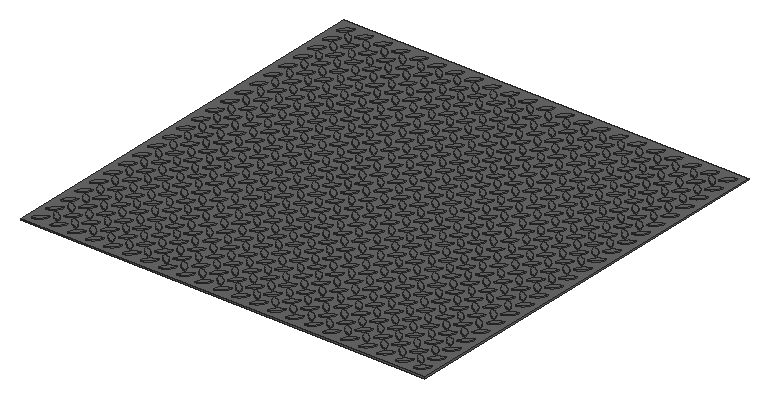
Revit family "141012021113804", category Modelos genéricos, Revit 2018 (continued)
Forms (mm)
  Blend 672, solid, material "Goma negro" <- "Material", detail levels fine
    base sketch origin (43.555, 980.994, 0) x (0.707107, -0.707107, 0) y (0.707107, 0.707107, 0)
      loop
        arc (794.539, -290.22) -> (793.684, -289.773) -> (792.83, -290.22) r 1.041
    top sketch origin (43.555, 980.994, 0) x (0.707107, -0.707107, 0) y (0.707107, 0.707107, 0)
      loop
        arc (792.83, -290.22) -> (787.479, -307.273) -> (792.83, -324.327) r 29.852
        arc (792.83, -324.327) -> (793.684, -324.773) -> (794.539, -324.327) r 1.041
        arc (794.539, -324.327) -> (799.889, -307.273) -> (794.539, -290.22) r 29.852
        arc (794.539, -290.22) -> (793.684, -289.773) -> (792.83, -290.22) r 1.041
    from 0 to 1
  Blend 673, solid, material "Goma negro" <- "Material", detail levels fine
    base sketch origin (1188.494, 568.945, 0) x (-0.707107, -0.707107, 0) y (0.707107, -0.707107, 0)
      loop
        arc (792.83, -290.22) -> (787.479, -307.273) -> (792.83, -324.327) r 29.852
        arc (792.83, -324.327) -> (793.684, -324.773) -> (794.539, -324.327) r 1.041
        arc (794.539, -324.327) -> (799.889, -307.273) -> (794.539, -290.22) r 29.852
        arc (794.539, -290.22) -> (793.684, -289.773) -> (792.83, -290.22) r 1.041
    top sketch origin (1188.494, 568.945, 0) x (-0.707107, -0.707107, 0) y (0.707107, -0.707107, 0)
      loop
        arc (792.83, -290.22) -> (787.479, -307.273) -> (792.83, -324.327) r 29.852
        arc (792.83, -324.327) -> (793.684, -324.773) -> (794.539, -324.327) r 1.041
        arc (794.539, -324.327) -> (799.889, -307.273) -> (794.539, -290.22) r 29.852
        arc (794.539, -290.22) -> (793.684, -289.773) -> (792.83, -290.22) r 1.041
    from 0 to 1
  Blend 674, solid, material "Goma negro" <- "Material", detail levels fine
    base sketch origin (-1.445, 980.994, 0) x (0.707107, -0.707107, 0) y (0.707107, 0.707107, 0)
      loop
        arc (792.83, -290.22) -> (787.479, -307.273) -> (792.83, -324.327) r 29.852
        arc (792.83, -324.327) -> (793.684, -324.773) -> (794.539, -324.327) r 1.041
        arc (794.539, -324.327) -> (799.889, -307.273) -> (794.539, -290.22) r 29.852
        arc (794.539, -290.22) -> (793.684, -289.773) -> (792.83, -290.22) r 1.041
    top sketch origin (-1.445, 980.994, 0) x (0.707107, -0.707107, 0) y (0.707107, 0.707107, 0)
      loop
        arc (792.83, -290.22) -> (787.479, -307.273) -> (792.83, -324.327) r 29.852
        arc (792.83, -324.327) -> (793.684, -324.773) -> (794.539, -324.327) r 1.041
        arc (794.539, -324.327) -> (799.889, -307.273) -> (794.539, -290.22) r 29.852
        arc (794.539, -290.22) -> (793.684, -289.773) -> (792.83, -290.22) r 1.041
    from 0 to 1
  Blend 675, solid, material "Goma negro" <- "Material", detail levels fine
    base sketch origin (1143.494, 568.945, 0) x (-0.707107, -0.707107, 0) y (0.707107, -0.707107, 0)
      loop
        arc (792.83, -290.22) -> (787.479, -307.273) -> (792.83, -324.327) r 29.852
        arc (792.83, -324.327) -> (793.684, -324.773) -> (794.539, -324.327) r 1.041
        arc (794.539, -324.327) -> (799.889, -307.273) -> (794.539, -290.22) r 29.852
        arc (794.539, -290.22) -> (793.684, -289.773) -> (792.83, -290.22) r 1.041
    top sketch origin (1143.494, 568.945, 0) x (-0.707107, -0.707107, 0) y (0.707107, -0.707107, 0)
      loop
        arc (792.83, -290.22) -> (787.479, -307.273) -> (792.83, -324.327) r 29.852
        arc (792.83, -324.327) -> (793.684, -324.773) -> (794.539, -324.327) r 1.041
        arc (794.539, -324.327) -> (799.889, -307.273) -> (794.539, -290.22) r 29.852
        arc (794.539, -290.22) -> (793.684, -289.773) -> (792.83, -290.22) r 1.041
    from 0 to 1
  Blend 676, solid, material "Goma negro" <- "Material", detail levels fine
    base sketch origin (-46.445, 980.994, 0) x (0.707107, -0.707107, 0) y (0.707107, 0.707107, 0)
      loop
        arc (792.83, -290.22) -> (787.479, -307.273) -> (792.83, -324.327) r 29.852
        arc (792.83, -324.327) -> (793.684, -324.773) -> (794.539, -324.327) r 1.041
        arc (794.539, -324.327) -> (799.889, -307.273) -> (794.539, -290.22) r 29.852
        arc (794.539, -290.22) -> (793.684, -289.773) -> (792.83, -290.22) r 1.041
    top sketch origin (-46.445, 980.994, 0) x (0.707107, -0.707107, 0) y (0.707107, 0.707107, 0)
      loop
        arc (792.83, -290.22) -> (787.479, -307.273) -> (792.83, -324.327) r 29.852
        arc (792.83, -324.327) -> (793.684, -324.773) -> (794.539, -324.327) r 1.041
        arc (794.539, -324.327) -> (799.889, -307.273) -> (794.539, -290.22) r 29.852
        arc (794.539, -290.22) -> (793.684, -289.773) -> (792.83, -290.22) r 1.041
    from 0 to 1
  Blend 677, solid, material "Goma negro" <- "Material", detail levels fine
    base sketch origin (1098.494, 568.945, 0) x (-0.707107, -0.707107, 0) y (0.707107, -0.707107, 0)
      loop
        arc (792.83, -290.22) -> (787.479, -307.273) -> (792.83, -324.327) r 29.852
        arc (792.83, -324.327) -> (793.684, -324.773) -> (794.539, -324.327) r 1.041
        arc (794.539, -324.327) -> (799.889, -307.273) -> (794.539, -290.22) r 29.852
        arc (794.539, -290.22) -> (793.684, -289.773) -> (792.83, -290.22) r 1.041
    top sketch origin (1098.494, 568.945, 0) x (-0.707107, -0.707107, 0) y (0.707107, -0.707107, 0)
      loop
        arc (792.83, -290.22) -> (787.479, -307.273) -> (792.83, -324.327) r 29.852
        arc (792.83, -324.327) -> (793.684, -324.773) -> (794.539, -324.327) r 1.041
        arc (794.539, -324.327) -> (799.889, -307.273) -> (794.539, -290.22) r 29.852
        arc (794.539, -290.22) -> (793.684, -289.773) -> (792.83, -290.22) r 1.041
    from 0 to 1
  Blend 678, solid, material "Goma negro" <- "Material", detail levels fine
    base sketch origin (-91.445, 980.994, 0) x (0.707107, -0.707107, 0) y (0.707107, 0.707107, 0)
      loop
        arc (792.83, -290.22) -> (787.479, -307.273) -> (792.83, -324.327) r 29.852
        arc (792.83, -324.327) -> (793.684, -324.773) -> (794.539, -324.327) r 1.041
        arc (794.539, -324.327) -> (799.889, -307.273) -> (794.539, -290.22) r 29.852
        arc (794.539, -290.22) -> (793.684, -289.773) -> (792.83, -290.22) r 1.041
    top sketch origin (-91.445, 980.994, 0) x (0.707107, -0.707107, 0) y (0.707107, 0.707107, 0)
      loop
        arc (792.83, -290.22) -> (787.479, -307.273) -> (792.83, -324.327) r 29.852
        arc (792.83, -324.327) -> (793.684, -324.773) -> (794.539, -324.327) r 1.041
        arc (794.539, -324.327) -> (799.889, -307.273) -> (794.539, -290.22) r 29.852
        arc (794.539, -290.22) -> (793.684, -289.773) -> (792.83, -290.22) r 1.041
    from 0 to 1
  Blend 679, solid, material "Goma negro" <- "Material", detail levels fine
    base sketch origin (1053.494, 568.945, 0) x (-0.707107, -0.707107, 0) y (0.707107, -0.707107, 0)
      loop
        arc (792.83, -290.22) -> (787.479, -307.273) -> (792.83, -324.327) r 29.852
        arc (792.83, -324.327) -> (793.684, -324.773) -> (794.539, -324.327) r 1.041
        arc (794.539, -324.327) -> (799.889, -307.273) -> (794.539, -290.22) r 29.852
        arc (794.539, -290.22) -> (793.684, -289.773) -> (792.83, -290.22) r 1.041
    top sketch origin (1053.494, 568.945, 0) x (-0.707107, -0.707107, 0) y (0.707107, -0.707107, 0)
      loop
        arc (792.83, -290.22) -> (787.479, -307.273) -> (792.83, -324.327) r 29.852
        arc (792.83, -324.327) -> (793.684, -324.773) -> (794.539, -324.327) r 1.041
        arc (794.539, -324.327) -> (799.889, -307.273) -> (794.539, -290.22) r 29.852
        arc (794.539, -290.22) -> (793.684, -289.773) -> (792.83, -290.22) r 1.041
    from 0 to 1
  Blend 680, solid, material "Goma negro" <- "Material", detail levels fine
    base sketch origin (-136.445, 980.994, 0) x (0.707107, -0.707107, 0) y (0.707107, 0.707107, 0)
      loop
        arc (792.83, -290.22) -> (787.479, -307.273) -> (792.83, -324.327) r 29.852
        arc (792.83, -324.327) -> (793.684, -324.773) -> (794.539, -324.327) r 1.041
        arc (794.539, -324.327) -> (799.889, -307.273) -> (794.539, -290.22) r 29.852
        arc (794.539, -290.22) -> (793.684, -289.773) -> (792.83, -290.22) r 1.041
    top sketch origin (-136.445, 980.994, 0) x (0.707107, -0.707107, 0) y (0.707107, 0.707107, 0)
      loop
        arc (792.83, -290.22) -> (787.479, -307.273) -> (792.83, -324.327) r 29.852
        arc (792.83, -324.327) -> (793.684, -324.773) -> (794.539, -324.327) r 1.041
        arc (794.539, -324.327) -> (799.889, -307.273) -> (794.539, -290.22) r 29.852
        arc (794.539, -290.22) -> (793.684, -289.773) -> (792.83, -290.22) r 1.041
    from 0 to 1
  Blend 681, solid, material "Goma negro" <- "Material", detail levels fine
    base sketch origin (1008.494, 568.945, 0) x (-0.707107, -0.707107, 0) y (0.707107, -0.707107, 0)
      loop
        arc (792.83, -290.22) -> (787.479, -307.273) -> (792.83, -324.327) r 29.852
        arc (792.83, -324.327) -> (793.684, -324.773) -> (794.539, -324.327) r 1.041
        arc (794.539, -324.327) -> (799.889, -307.273) -> (794.539, -290.22) r 29.852
        arc (794.539, -290.22) -> (793.684, -289.773) -> (792.83, -290.22) r 1.041
    top sketch origin (1008.494, 568.945, 0) x (-0.707107, -0.707107, 0) y (0.707107, -0.707107, 0)
      loop
        arc (792.83, -290.22) -> (787.479, -307.273) -> (792.83, -324.327) r 29.852
        arc (792.83, -324.327) -> (793.684, -324.773) -> (794.539, -324.327) r 1.041
        arc (794.539, -324.327) -> (799.889, -307.273) -> (794.539, -290.22) r 29.852
        arc (794.539, -290.22) -> (793.684, -289.773) -> (792.83, -290.22) r 1.041
    from 0 to 1
  Blend 682, solid, material "Goma negro" <- "Material", detail levels fine
    base sketch origin (-181.445, 980.994, 0) x (0.707107, -0.707107, 0) y (0.707107, 0.707107, 0)
      loop
        arc (792.83, -290.22) -> (787.479, -307.273) -> (792.83, -324.327) r 29.852
        arc (792.83, -324.327) -> (793.684, -324.773) -> (794.539, -324.327) r 1.041
        arc (794.539, -324.327) -> (799.889, -307.273) -> (794.539, -290.22) r 29.852
        arc (794.539, -290.22) -> (793.684, -289.773) -> (792.83, -290.22) r 1.041
    top sketch origin (-181.445, 980.994, 0) x (0.707107, -0.707107, 0) y (0.707107, 0.707107, 0)
      loop
        arc (792.83, -290.22) -> (787.479, -307.273) -> (792.83, -324.327) r 29.852
        arc (792.83, -324.327) -> (793.684, -324.773) -> (794.539, -324.327) r 1.041
        arc (794.539, -324.327) -> (799.889, -307.273) -> (794.539, -290.22) r 29.852
        arc (794.539, -290.22) -> (793.684, -289.773) -> (792.83, -290.22) r 1.041
    from 0 to 1
  Blend 683, solid, material "Goma negro" <- "Material", detail levels fine
    base sketch origin (963.494, 568.945, 0) x (-0.707107, -0.707107, 0) y (0.707107, -0.707107, 0)
      loop
        arc (792.83, -290.22) -> (787.479, -307.273) -> (792.83, -324.327) r 29.852
        arc (792.83, -324.327) -> (793.684, -324.773) -> (794.539, -324.327) r 1.041
        arc (794.539, -324.327) -> (799.889, -307.273) -> (794.539, -290.22) r 29.852
        arc (794.539, -290.22) -> (793.684, -289.773) -> (792.83, -290.22) r 1.041
    top sketch origin (963.494, 568.945, 0) x (-0.707107, -0.707107, 0) y (0.707107, -0.707107, 0)
      loop
        arc (792.83, -290.22) -> (787.479, -307.273) -> (792.83, -324.327) r 29.852
        arc (792.83, -324.327) -> (793.684, -324.773) -> (794.539, -324.327) r 1.041
        arc (794.539, -324.327) -> (799.889, -307.273) -> (794.539, -290.22) r 29.852
        arc (794.539, -290.22) -> (793.684, -289.773) -> (792.83, -290.22) r 1.041
    from 0 to 1
  Blend 684, solid, material "Goma negro" <- "Material", detail levels fine
    base sketch origin (-226.445, 980.994, 0) x (0.707107, -0.707107, 0) y (0.707107, 0.707107, 0)
      loop
        arc (792.83, -290.22) -> (787.479, -307.273) -> (792.83, -324.327) r 29.852
        arc (792.83, -324.327) -> (793.684, -324.773) -> (794.539, -324.327) r 1.041
        arc (794.539, -324.327) -> (799.889, -307.273) -> (794.539, -290.22) r 29.852
        arc (794.539, -290.22) -> (793.684, -289.773) -> (792.83, -290.22) r 1.041
    top sketch origin (-226.445, 980.994, 0) x (0.707107, -0.707107, 0) y (0.707107, 0.707107, 0)
      loop
        arc (792.83, -290.22) -> (787.479, -307.273) -> (792.83, -324.327) r 29.852
        arc (792.83, -324.327) -> (793.684, -324.773) -> (794.539, -324.327) r 1.041
        arc (794.539, -324.327) -> (799.889, -307.273) -> (794.539, -290.22) r 29.852
        arc (794.539, -290.22) -> (793.684, -289.773) -> (792.83, -290.22) r 1.041
    from 0 to 1
  Blend 685, solid, material "Goma negro" <- "Material", detail levels fine
    base sketch origin (918.494, 568.945, 0) x (-0.707107, -0.707107, 0) y (0.707107, -0.707107, 0)
      loop
        arc (792.83, -290.22) -> (787.479, -307.273) -> (792.83, -324.327) r 29.852
        arc (792.83, -324.327) -> (793.684, -324.773) -> (794.539, -324.327) r 1.041
        arc (794.539, -324.327) -> (799.889, -307.273) -> (794.539, -290.22) r 29.852
        arc (794.539, -290.22) -> (793.684, -289.773) -> (792.83, -290.22) r 1.041
    top sketch origin (918.494, 568.945, 0) x (-0.707107, -0.707107, 0) y (0.707107, -0.707107, 0)
      loop
        arc (792.83, -290.22) -> (787.479, -307.273) -> (792.83, -324.327) r 29.852
        arc (792.83, -324.327) -> (793.684, -324.773) -> (794.539, -324.327) r 1.041
        arc (794.539, -324.327) -> (799.889, -307.273) -> (794.539, -290.22) r 29.852
        arc (794.539, -290.22) -> (793.684, -289.773) -> (792.83, -290.22) r 1.041
    from 0 to 1
  Blend 686, solid, material "Goma negro" <- "Material", detail levels fine
    base sketch origin (-271.445, 980.994, 0) x (0.707107, -0.707107, 0) y (0.707107, 0.707107, 0)
      loop
        arc (792.83, -290.22) -> (787.479, -307.273) -> (792.83, -324.327) r 29.852
        arc (792.83, -324.327) -> (793.684, -324.773) -> (794.539, -324.327) r 1.041
        arc (794.539, -324.327) -> (799.889, -307.273) -> (794.539, -290.22) r 29.852
        arc (794.539, -290.22) -> (793.684, -289.773) -> (792.83, -290.22) r 1.041
    top sketch origin (-271.445, 980.994, 0) x (0.707107, -0.707107, 0) y (0.707107, 0.707107, 0)
      loop
        arc (792.83, -290.22) -> (787.479, -307.273) -> (792.83, -324.327) r 29.852
        arc (792.83, -324.327) -> (793.684, -324.773) -> (794.539, -324.327) r 1.041
        arc (794.539, -324.327) -> (799.889, -307.273) -> (794.539, -290.22) r 29.852
        arc (794.539, -290.22) -> (793.684, -289.773) -> (792.83, -290.22) r 1.041
    from 0 to 1
  Blend 687, solid, material "Goma negro" <- "Material", detail levels fine
    base sketch origin (873.494, 568.945, 0) x (-0.707107, -0.707107, 0) y (0.707107, -0.707107, 0)
      loop
        arc (792.83, -290.22) -> (787.479, -307.273) -> (792.83, -324.327) r 29.852
        arc (792.83, -324.327) -> (793.684, -324.773) -> (794.539, -324.327) r 1.041
        arc (794.539, -324.327) -> (799.889, -307.273) -> (794.539, -290.22) r 29.852
        arc (794.539, -290.22) -> (793.684, -289.773) -> (792.83, -290.22) r 1.041
    top sketch origin (873.494, 568.945, 0) x (-0.707107, -0.707107, 0) y (0.707107, -0.707107, 0)
      loop
        arc (792.83, -290.22) -> (787.479, -307.273) -> (792.83, -324.327) r 29.852
        arc (792.83, -324.327) -> (793.684, -324.773) -> (794.539, -324.327) r 1.041
        arc (794.539, -324.327) -> (799.889, -307.273) -> (794.539, -290.22) r 29.852
        arc (794.539, -290.22) -> (793.684, -289.773) -> (792.83, -290.22) r 1.041
    from 0 to 1
  Blend 688, solid, material "Goma negro" <- "Material", detail levels fine
    base sketch origin (-316.445, 980.994, 0) x (0.707107, -0.707107, 0) y (0.707107, 0.707107, 0)
      loop
        arc (792.83, -290.22) -> (787.479, -307.273) -> (792.83, -324.327) r 29.852
        arc (792.83, -324.327) -> (793.684, -324.773) -> (794.539, -324.327) r 1.041
        arc (794.539, -324.327) -> (799.889, -307.273) -> (794.539, -290.22) r 29.852
        arc (794.539, -290.22) -> (793.684, -289.773) -> (792.83, -290.22) r 1.041
    top sketch origin (-316.445, 980.994, 0) x (0.707107, -0.707107, 0) y (0.707107, 0.707107, 0)
      loop
        arc (792.83, -290.22) -> (787.479, -307.273) -> (792.83, -324.327) r 29.852
        arc (792.83, -324.327) -> (793.684, -324.773) -> (794.539, -324.327) r 1.041
        arc (794.539, -324.327) -> (799.889, -307.273) -> (794.539, -290.22) r 29.852
        arc (794.539, -290.22) -> (793.684, -289.773) -> (792.83, -290.22) r 1.041
    from 0 to 1
  Blend 689, solid, material "Goma negro" <- "Material", detail levels fine
    base sketch origin (828.494, 568.945, 0) x (-0.707107, -0.707107, 0) y (0.707107, -0.707107, 0)
      loop
        arc (792.83, -290.22) -> (787.479, -307.273) -> (792.83, -324.327) r 29.852
        arc (792.83, -324.327) -> (793.684, -324.773) -> (794.539, -324.327) r 1.041
        arc (794.539, -324.327) -> (799.889, -307.273) -> (794.539, -290.22) r 29.852
        arc (794.539, -290.22) -> (793.684, -289.773) -> (792.83, -290.22) r 1.041
    top sketch origin (828.494, 568.945, 0) x (-0.707107, -0.707107, 0) y (0.707107, -0.707107, 0)
      loop
        arc (792.83, -290.22) -> (787.479, -307.273) -> (792.83, -324.327) r 29.852
        arc (792.83, -324.327) -> (793.684, -324.773) -> (794.539, -324.327) r 1.041
        arc (794.539, -324.327) -> (799.889, -307.273) -> (794.539, -290.22) r 29.852
        arc (794.539, -290.22) -> (793.684, -289.773) -> (792.83, -290.22) r 1.041
    from 0 to 1
  Blend 690, solid, material "Goma negro" <- "Material", detail levels fine
    base sketch origin (628.555, 1025.994, 0) x (0.707107, -0.707107, 0) y (0.707107, 0.707107, 0)
      loop
        arc (792.83, -290.22) -> (787.479, -307.273) -> (792.83, -324.327) r 29.852
        arc (792.83, -324.327) -> (793.684, -324.773) -> (794.539, -324.327) r 1.041
        arc (794.539, -324.327) -> (799.889, -307.273) -> (794.539, -290.22) r 29.852
        arc (794.539, -290.22) -> (793.684, -289.773) -> (792.83, -290.22) r 1.041
    top sketch origin (628.555, 1025.994, 0) x (0.707107, -0.707107, 0) y (0.707107, 0.707107, 0)
      loop
        arc (792.83, -290.22) -> (787.479, -307.273) -> (792.83, -324.327) r 29.852
        arc (792.83, -324.327) -> (793.684, -324.773) -> (794.539, -324.327) r 1.041
        arc (794.539, -324.327) -> (799.889, -307.273) -> (794.539, -290.22) r 29.852
        arc (794.539, -290.22) -> (793.684, -289.773) -> (792.83, -290.22) r 1.041
    from 0 to 1
  Blend 691, solid, material "Goma negro" <- "Material", detail levels fine
    base sketch origin (583.555, 1025.994, 0) x (0.707107, -0.707107, 0) y (0.707107, 0.707107, 0)
      loop
        arc (792.83, -290.22) -> (787.479, -307.273) -> (792.83, -324.327) r 29.852
        arc (792.83, -324.327) -> (793.684, -324.773) -> (794.539, -324.327) r 1.041
        arc (794.539, -324.327) -> (799.889, -307.273) -> (794.539, -290.22) r 29.852
        arc (794.539, -290.22) -> (793.684, -289.773) -> (792.83, -290.22) r 1.041
    top sketch origin (583.555, 1025.994, 0) x (0.707107, -0.707107, 0) y (0.707107, 0.707107, 0)
      loop
        arc (792.83, -290.22) -> (787.479, -307.273) -> (792.83, -324.327) r 29.852
        arc (792.83, -324.327) -> (793.684, -324.773) -> (794.539, -324.327) r 1.041
        arc (794.539, -324.327) -> (799.889, -307.273) -> (794.539, -290.22) r 29.852
        arc (794.539, -290.22) -> (793.684, -289.773) -> (792.83, -290.22) r 1.041
    from 0 to 1
  Blend 692, solid, material "Goma negro" <- "Material", detail levels fine
    base sketch origin (1728.494, 613.945, 0) x (-0.707107, -0.707107, 0) y (0.707107, -0.707107, 0)
      loop
        arc (792.83, -290.22) -> (787.479, -307.273) -> (792.83, -324.327) r 29.852
        arc (792.83, -324.327) -> (793.684, -324.773) -> (794.539, -324.327) r 1.041
        arc (794.539, -324.327) -> (799.889, -307.273) -> (794.539, -290.22) r 29.852
        arc (794.539, -290.22) -> (793.684, -289.773) -> (792.83, -290.22) r 1.041
    top sketch origin (1728.494, 613.945, 0) x (-0.707107, -0.707107, 0) y (0.707107, -0.707107, 0)
      loop
        arc (792.83, -290.22) -> (787.479, -307.273) -> (792.83, -324.327) r 29.852
        arc (792.83, -324.327) -> (793.684, -324.773) -> (794.539, -324.327) r 1.041
        arc (794.539, -324.327) -> (799.889, -307.273) -> (794.539, -290.22) r 29.852
        arc (794.539, -290.22) -> (793.684, -289.773) -> (792.83, -290.22) r 1.041
    from 0 to 1
  Blend 693, solid, material "Goma negro" <- "Material", detail levels fine
    base sketch origin (538.555, 1025.994, 0) x (0.707107, -0.707107, 0) y (0.707107, 0.707107, 0)
      loop
        arc (792.83, -290.22) -> (787.479, -307.273) -> (792.83, -324.327) r 29.852
        arc (792.83, -324.327) -> (793.684, -324.773) -> (794.539, -324.327) r 1.041
        arc (794.539, -324.327) -> (799.889, -307.273) -> (794.539, -290.22) r 29.852
        arc (794.539, -290.22) -> (793.684, -289.773) -> (792.83, -290.22) r 1.041
    top sketch origin (538.555, 1025.994, 0) x (0.707107, -0.707107, 0) y (0.707107, 0.707107, 0)
      loop
        arc (792.83, -290.22) -> (787.479, -307.273) -> (792.83, -324.327) r 29.852
        arc (792.83, -324.327) -> (793.684, -324.773) -> (794.539, -324.327) r 1.041
        arc (794.539, -324.327) -> (799.889, -307.273) -> (794.539, -290.22) r 29.852
        arc (794.539, -290.22) -> (793.684, -289.773) -> (792.83, -290.22) r 1.041
    from 0 to 1
  Blend 694, solid, material "Goma negro" <- "Material", detail levels fine
    base sketch origin (1683.494, 613.945, 0) x (-0.707107, -0.707107, 0) y (0.707107, -0.707107, 0)
      loop
        arc (792.83, -290.22) -> (787.479, -307.273) -> (792.83, -324.327) r 29.852
        arc (792.83, -324.327) -> (793.684, -324.773) -> (794.539, -324.327) r 1.041
        arc (794.539, -324.327) -> (799.889, -307.273) -> (794.539, -290.22) r 29.852
        arc (794.539, -290.22) -> (793.684, -289.773) -> (792.83, -290.22) r 1.041
    top sketch origin (1683.494, 613.945, 0) x (-0.707107, -0.707107, 0) y (0.707107, -0.707107, 0)
      loop
        arc (792.83, -290.22) -> (787.479, -307.273) -> (792.83, -324.327) r 29.852
        arc (792.83, -324.327) -> (793.684, -324.773) -> (794.539, -324.327) r 1.041
        arc (794.539, -324.327) -> (799.889, -307.273) -> (794.539, -290.22) r 29.852
        arc (794.539, -290.22) -> (793.684, -289.773) -> (792.83, -290.22) r 1.041
    from 0 to 1
  Blend 695, solid, material "Goma negro" <- "Material", detail levels fine
    base sketch origin (493.555, 1025.994, 0) x (0.707107, -0.707107, 0) y (0.707107, 0.707107, 0)
      loop
        arc (792.83, -290.22) -> (787.479, -307.273) -> (792.83, -324.327) r 29.852
        arc (792.83, -324.327) -> (793.684, -324.773) -> (794.539, -324.327) r 1.041
        arc (794.539, -324.327) -> (799.889, -307.273) -> (794.539, -290.22) r 29.852
        arc (794.539, -290.22) -> (793.684, -289.773) -> (792.83, -290.22) r 1.041
    top sketch origin (493.555, 1025.994, 0) x (0.707107, -0.707107, 0) y (0.707107, 0.707107, 0)
      loop
        arc (792.83, -290.22) -> (787.479, -307.273) -> (792.83, -324.327) r 29.852
        arc (792.83, -324.327) -> (793.684, -324.773) -> (794.539, -324.327) r 1.041
        arc (794.539, -324.327) -> (799.889, -307.273) -> (794.539, -290.22) r 29.852
        arc (794.539, -290.22) -> (793.684, -289.773) -> (792.83, -290.22) r 1.041
    from 0 to 1
  Blend 696, solid, material "Goma negro" <- "Material", detail levels fine
    base sketch origin (1638.494, 613.945, 0) x (-0.707107, -0.707107, 0) y (0.707107, -0.707107, 0)
      loop
        arc (792.83, -290.22) -> (787.479, -307.273) -> (792.83, -324.327) r 29.852
        arc (792.83, -324.327) -> (793.684, -324.773) -> (794.539, -324.327) r 1.041
        arc (794.539, -324.327) -> (799.889, -307.273) -> (794.539, -290.22) r 29.852
        arc (794.539, -290.22) -> (793.684, -289.773) -> (792.83, -290.22) r 1.041
    top sketch origin (1638.494, 613.945, 0) x (-0.707107, -0.707107, 0) y (0.707107, -0.707107, 0)
      loop
        arc (792.83, -290.22) -> (787.479, -307.273) -> (792.83, -324.327) r 29.852
        arc (792.83, -324.327) -> (793.684, -324.773) -> (794.539, -324.327) r 1.041
        arc (794.539, -324.327) -> (799.889, -307.273) -> (794.539, -290.22) r 29.852
        arc (794.539, -290.22) -> (793.684, -289.773) -> (792.83, -290.22) r 1.041
    from 0 to 1
  Blend 697, solid, material "Goma negro" <- "Material", detail levels fine
    base sketch origin (448.555, 1025.994, 0) x (0.707107, -0.707107, 0) y (0.707107, 0.707107, 0)
      loop
        arc (792.83, -290.22) -> (787.479, -307.273) -> (792.83, -324.327) r 29.852
        arc (792.83, -324.327) -> (793.684, -324.773) -> (794.539, -324.327) r 1.041
        arc (794.539, -324.327) -> (799.889, -307.273) -> (794.539, -290.22) r 29.852
        arc (794.539, -290.22) -> (793.684, -289.773) -> (792.83, -290.22) r 1.041
    top sketch origin (448.555, 1025.994, 0) x (0.707107, -0.707107, 0) y (0.707107, 0.707107, 0)
      loop
        arc (792.83, -290.22) -> (787.479, -307.273) -> (792.83, -324.327) r 29.852
        arc (792.83, -324.327) -> (793.684, -324.773) -> (794.539, -324.327) r 1.041
        arc (794.539, -324.327) -> (799.889, -307.273) -> (794.539, -290.22) r 29.852
        arc (794.539, -290.22) -> (793.684, -289.773) -> (792.83, -290.22) r 1.041
    from 0 to 1
  Blend 698, solid, material "Goma negro" <- "Material", detail levels fine
    base sketch origin (1593.494, 613.945, 0) x (-0.707107, -0.707107, 0) y (0.707107, -0.707107, 0)
      loop
        arc (792.83, -290.22) -> (787.479, -307.273) -> (792.83, -324.327) r 29.852
        arc (792.83, -324.327) -> (793.684, -324.773) -> (794.539, -324.327) r 1.041
        arc (794.539, -324.327) -> (799.889, -307.273) -> (794.539, -290.22) r 29.852
        arc (794.539, -290.22) -> (793.684, -289.773) -> (792.83, -290.22) r 1.041
    top sketch origin (1593.494, 613.945, 0) x (-0.707107, -0.707107, 0) y (0.707107, -0.707107, 0)
      loop
        arc (792.83, -290.22) -> (787.479, -307.273) -> (792.83, -324.327) r 29.852
        arc (792.83, -324.327) -> (793.684, -324.773) -> (794.539, -324.327) r 1.041
        arc (794.539, -324.327) -> (799.889, -307.273) -> (794.539, -290.22) r 29.852
        arc (794.539, -290.22) -> (793.684, -289.773) -> (792.83, -290.22) r 1.041
    from 0 to 1
  Blend 699, solid, material "Goma negro" <- "Material", detail levels fine
    base sketch origin (403.555, 1025.994, 0) x (0.707107, -0.707107, 0) y (0.707107, 0.707107, 0)
      loop
        arc (792.83, -290.22) -> (787.479, -307.273) -> (792.83, -324.327) r 29.852
        arc (792.83, -324.327) -> (793.684, -324.773) -> (794.539, -324.327) r 1.041
        arc (794.539, -324.327) -> (799.889, -307.273) -> (794.539, -290.22) r 29.852
        arc (794.539, -290.22) -> (793.684, -289.773) -> (792.83, -290.22) r 1.041
    top sketch origin (403.555, 1025.994, 0) x (0.707107, -0.707107, 0) y (0.707107, 0.707107, 0)
      loop
        arc (792.83, -290.22) -> (787.479, -307.273) -> (792.83, -324.327) r 29.852
        arc (792.83, -324.327) -> (793.684, -324.773) -> (794.539, -324.327) r 1.041
        arc (794.539, -324.327) -> (799.889, -307.273) -> (794.539, -290.22) r 29.852
        arc (794.539, -290.22) -> (793.684, -289.773) -> (792.83, -290.22) r 1.041
    from 0 to 1
  Blend 700, solid, material "Goma negro" <- "Material", detail levels fine
    base sketch origin (1548.494, 613.945, 0) x (-0.707107, -0.707107, 0) y (0.707107, -0.707107, 0)
      loop
        arc (792.83, -290.22) -> (787.479, -307.273) -> (792.83, -324.327) r 29.852
        arc (792.83, -324.327) -> (793.684, -324.773) -> (794.539, -324.327) r 1.041
        arc (794.539, -324.327) -> (799.889, -307.273) -> (794.539, -290.22) r 29.852
        arc (794.539, -290.22) -> (793.684, -289.773) -> (792.83, -290.22) r 1.041
    top sketch origin (1548.494, 613.945, 0) x (-0.707107, -0.707107, 0) y (0.707107, -0.707107, 0)
      loop
        arc (792.83, -290.22) -> (787.479, -307.273) -> (792.83, -324.327) r 29.852
        arc (792.83, -324.327) -> (793.684, -324.773) -> (794.539, -324.327) r 1.041
        arc (794.539, -324.327) -> (799.889, -307.273) -> (794.539, -290.22) r 29.852
        arc (794.539, -290.22) -> (793.684, -289.773) -> (792.83, -290.22) r 1.041
    from 0 to 1
  Blend 701, solid, material "Goma negro" <- "Material", detail levels fine
    base sketch origin (358.555, 1025.994, 0) x (0.707107, -0.707107, 0) y (0.707107, 0.707107, 0)
      loop
        arc (792.83, -290.22) -> (787.479, -307.273) -> (792.83, -324.327) r 29.852
        arc (792.83, -324.327) -> (793.684, -324.773) -> (794.539, -324.327) r 1.041
        arc (794.539, -324.327) -> (799.889, -307.273) -> (794.539, -290.22) r 29.852
        arc (794.539, -290.22) -> (793.684, -289.773) -> (792.83, -290.22) r 1.041
    top sketch origin (358.555, 1025.994, 0) x (0.707107, -0.707107, 0) y (0.707107, 0.707107, 0)
      loop
        arc (792.83, -290.22) -> (787.479, -307.273) -> (792.83, -324.327) r 29.852
        arc (792.83, -324.327) -> (793.684, -324.773) -> (794.539, -324.327) r 1.041
        arc (794.539, -324.327) -> (799.889, -307.273) -> (794.539, -290.22) r 29.852
        arc (794.539, -290.22) -> (793.684, -289.773) -> (792.83, -290.22) r 1.041
    from 0 to 1
  Blend 702, solid, material "Goma negro" <- "Material", detail levels fine
    base sketch origin (1503.494, 613.945, 0) x (-0.707107, -0.707107, 0) y (0.707107, -0.707107, 0)
      loop
        arc (792.83, -290.22) -> (787.479, -307.273) -> (792.83, -324.327) r 29.852
        arc (792.83, -324.327) -> (793.684, -324.773) -> (794.539, -324.327) r 1.041
        arc (794.539, -324.327) -> (799.889, -307.273) -> (794.539, -290.22) r 29.852
        arc (794.539, -290.22) -> (793.684, -289.773) -> (792.83, -290.22) r 1.041
    top sketch origin (1503.494, 613.945, 0) x (-0.707107, -0.707107, 0) y (0.707107, -0.707107, 0)
      loop
        arc (792.83, -290.22) -> (787.479, -307.273) -> (792.83, -324.327) r 29.852
        arc (792.83, -324.327) -> (793.684, -324.773) -> (794.539, -324.327) r 1.041
        arc (794.539, -324.327) -> (799.889, -307.273) -> (794.539, -290.22) r 29.852
        arc (794.539, -290.22) -> (793.684, -289.773) -> (792.83, -290.22) r 1.041
    from 0 to 1
  Blend 703, solid, material "Goma negro" <- "Material", detail levels fine
    base sketch origin (313.555, 1025.994, 0) x (0.707107, -0.707107, 0) y (0.707107, 0.707107, 0)
      loop
        arc (792.83, -290.22) -> (787.479, -307.273) -> (792.83, -324.327) r 29.852
        arc (792.83, -324.327) -> (793.684, -324.773) -> (794.539, -324.327) r 1.041
        arc (794.539, -324.327) -> (799.889, -307.273) -> (794.539, -290.22) r 29.852
        arc (794.539, -290.22) -> (793.684, -289.773) -> (792.83, -290.22) r 1.041
    top sketch origin (313.555, 1025.994, 0) x (0.707107, -0.707107, 0) y (0.707107, 0.707107, 0)
      loop
        arc (792.83, -290.22) -> (787.479, -307.273) -> (792.83, -324.327) r 29.852
        arc (792.83, -324.327) -> (793.684, -324.773) -> (794.539, -324.327) r 1.041
        arc (794.539, -324.327) -> (799.889, -307.273) -> (794.539, -290.22) r 29.852
        arc (794.539, -290.22) -> (793.684, -289.773) -> (792.83, -290.22) r 1.041
    from 0 to 1
  Blend 704, solid, material "Goma negro" <- "Material", detail levels fine
    base sketch origin (1458.494, 613.945, 0) x (-0.707107, -0.707107, 0) y (0.707107, -0.707107, 0)
      loop
        arc (792.83, -290.22) -> (787.479, -307.273) -> (792.83, -324.327) r 29.852
        arc (792.83, -324.327) -> (793.684, -324.773) -> (794.539, -324.327) r 1.041
        arc (794.539, -324.327) -> (799.889, -307.273) -> (794.539, -290.22) r 29.852
        arc (794.539, -290.22) -> (793.684, -289.773) -> (792.83, -290.22) r 1.041
    top sketch origin (1458.494, 613.945, 0) x (-0.707107, -0.707107, 0) y (0.707107, -0.707107, 0)
      loop
        arc (792.83, -290.22) -> (787.479, -307.273) -> (792.83, -324.327) r 29.852
        arc (792.83, -324.327) -> (793.684, -324.773) -> (794.539, -324.327) r 1.041
        arc (794.539, -324.327) -> (799.889, -307.273) -> (794.539, -290.22) r 29.852
        arc (794.539, -290.22) -> (793.684, -289.773) -> (792.83, -290.22) r 1.041
    from 0 to 1
  Blend 705, solid, material "Goma negro" <- "Material", detail levels fine
    base sketch origin (268.555, 1025.994, 0) x (0.707107, -0.707107, 0) y (0.707107, 0.707107, 0)
      loop
        arc (792.83, -290.22) -> (787.479, -307.273) -> (792.83, -324.327) r 29.852
        arc (792.83, -324.327) -> (793.684, -324.773) -> (794.539, -324.327) r 1.041
        arc (794.539, -324.327) -> (799.889, -307.273) -> (794.539, -290.22) r 29.852
        arc (794.539, -290.22) -> (793.684, -289.773) -> (792.83, -290.22) r 1.041
    top sketch origin (268.555, 1025.994, 0) x (0.707107, -0.707107, 0) y (0.707107, 0.707107, 0)
      loop
        arc (792.83, -290.22) -> (787.479, -307.273) -> (792.83, -324.327) r 29.852
        arc (792.83, -324.327) -> (793.684, -324.773) -> (794.539, -324.327) r 1.041
        arc (794.539, -324.327) -> (799.889, -307.273) -> (794.539, -290.22) r 29.852
        arc (794.539, -290.22) -> (793.684, -289.773) -> (792.83, -290.22) r 1.041
    from 0 to 1
  Blend 706, solid, material "Goma negro" <- "Material", detail levels fine
    base sketch origin (1413.494, 613.945, 0) x (-0.707107, -0.707107, 0) y (0.707107, -0.707107, 0)
      loop
        arc (792.83, -290.22) -> (787.479, -307.273) -> (792.83, -324.327) r 29.852
        arc (792.83, -324.327) -> (793.684, -324.773) -> (794.539, -324.327) r 1.041
        arc (794.539, -324.327) -> (799.889, -307.273) -> (794.539, -290.22) r 29.852
        arc (794.539, -290.22) -> (793.684, -289.773) -> (792.83, -290.22) r 1.041
    top sketch origin (1413.494, 613.945, 0) x (-0.707107, -0.707107, 0) y (0.707107, -0.707107, 0)
      loop
        arc (792.83, -290.22) -> (787.479, -307.273) -> (792.83, -324.327) r 29.852
        arc (792.83, -324.327) -> (793.684, -324.773) -> (794.539, -324.327) r 1.041
        arc (794.539, -324.327) -> (799.889, -307.273) -> (794.539, -290.22) r 29.852
        arc (794.539, -290.22) -> (793.684, -289.773) -> (792.83, -290.22) r 1.041
    from 0 to 1
  Blend 707, solid, material "Goma negro" <- "Material", detail levels fine
    base sketch origin (223.555, 1025.994, 0) x (0.707107, -0.707107, 0) y (0.707107, 0.707107, 0)
      loop
        arc (792.83, -290.22) -> (787.479, -307.273) -> (792.83, -324.327) r 29.852
        arc (792.83, -324.327) -> (793.684, -324.773) -> (794.539, -324.327) r 1.041
        arc (794.539, -324.327) -> (799.889, -307.273) -> (794.539, -290.22) r 29.852
        arc (794.539, -290.22) -> (793.684, -289.773) -> (792.83, -290.22) r 1.041
    top sketch origin (223.555, 1025.994, 0) x (0.707107, -0.707107, 0) y (0.707107, 0.707107, 0)
      loop
        arc (792.83, -290.22) -> (787.479, -307.273) -> (792.83, -324.327) r 29.852
        arc (792.83, -324.327) -> (793.684, -324.773) -> (794.539, -324.327) r 1.041
        arc (794.539, -324.327) -> (799.889, -307.273) -> (794.539, -290.22) r 29.852
        arc (794.539, -290.22) -> (793.684, -289.773) -> (792.83, -290.22) r 1.041
    from 0 to 1
  Blend 708, solid, material "Goma negro" <- "Material", detail levels fine
    base sketch origin (1368.494, 613.945, 0) x (-0.707107, -0.707107, 0) y (0.707107, -0.707107, 0)
      loop
        arc (792.83, -290.22) -> (787.479, -307.273) -> (792.83, -324.327) r 29.852
        arc (792.83, -324.327) -> (793.684, -324.773) -> (794.539, -324.327) r 1.041
        arc (794.539, -324.327) -> (799.889, -307.273) -> (794.539, -290.22) r 29.852
        arc (794.539, -290.22) -> (793.684, -289.773) -> (792.83, -290.22) r 1.041
    top sketch origin (1368.494, 613.945, 0) x (-0.707107, -0.707107, 0) y (0.707107, -0.707107, 0)
      loop
        arc (792.83, -290.22) -> (787.479, -307.273) -> (792.83, -324.327) r 29.852
        arc (792.83, -324.327) -> (793.684, -324.773) -> (794.539, -324.327) r 1.041
        arc (794.539, -324.327) -> (799.889, -307.273) -> (794.539, -290.22) r 29.852
        arc (794.539, -290.22) -> (793.684, -289.773) -> (792.83, -290.22) r 1.041
    from 0 to 1
  Blend 709, solid, material "Goma negro" <- "Material", detail levels fine
    base sketch origin (178.555, 1025.994, 0) x (0.707107, -0.707107, 0) y (0.707107, 0.707107, 0)
      loop
        arc (792.83, -290.22) -> (787.479, -307.273) -> (792.83, -324.327) r 29.852
        arc (792.83, -324.327) -> (793.684, -324.773) -> (794.539, -324.327) r 1.041
        arc (794.539, -324.327) -> (799.889, -307.273) -> (794.539, -290.22) r 29.852
        arc (794.539, -290.22) -> (793.684, -289.773) -> (792.83, -290.22) r 1.041
    top sketch origin (178.555, 1025.994, 0) x (0.707107, -0.707107, 0) y (0.707107, 0.707107, 0)
      loop
        arc (792.83, -290.22) -> (787.479, -307.273) -> (792.83, -324.327) r 29.852
        arc (792.83, -324.327) -> (793.684, -324.773) -> (794.539, -324.327) r 1.041
        arc (794.539, -324.327) -> (799.889, -307.273) -> (794.539, -290.22) r 29.852
        arc (794.539, -290.22) -> (793.684, -289.773) -> (792.83, -290.22) r 1.041
    from 0 to 1
  Blend 710, solid, material "Goma negro" <- "Material", detail levels fine
    base sketch origin (1323.494, 613.945, 0) x (-0.707107, -0.707107, 0) y (0.707107, -0.707107, 0)
      loop
        arc (792.83, -290.22) -> (787.479, -307.273) -> (792.83, -324.327) r 29.852
        arc (792.83, -324.327) -> (793.684, -324.773) -> (794.539, -324.327) r 1.041
        arc (794.539, -324.327) -> (799.889, -307.273) -> (794.539, -290.22) r 29.852
        arc (794.539, -290.22) -> (793.684, -289.773) -> (792.83, -290.22) r 1.041
    top sketch origin (1323.494, 613.945, 0) x (-0.707107, -0.707107, 0) y (0.707107, -0.707107, 0)
      loop
        arc (792.83, -290.22) -> (787.479, -307.273) -> (792.83, -324.327) r 29.852
        arc (792.83, -324.327) -> (793.684, -324.773) -> (794.539, -324.327) r 1.041
        arc (794.539, -324.327) -> (799.889, -307.273) -> (794.539, -290.22) r 29.852
        arc (794.539, -290.22) -> (793.684, -289.773) -> (792.83, -290.22) r 1.041
    from 0 to 1
  Blend 711, solid, material "Goma negro" <- "Material", detail levels fine
    base sketch origin (133.555, 1025.994, 0) x (0.707107, -0.707107, 0) y (0.707107, 0.707107, 0)
      loop
        arc (792.83, -290.22) -> (787.479, -307.273) -> (792.83, -324.327) r 29.852
        arc (792.83, -324.327) -> (793.684, -324.773) -> (794.539, -324.327) r 1.041
        arc (794.539, -324.327) -> (799.889, -307.273) -> (794.539, -290.22) r 29.852
        arc (794.539, -290.22) -> (793.684, -289.773) -> (792.83, -290.22) r 1.041
    top sketch origin (133.555, 1025.994, 0) x (0.707107, -0.707107, 0) y (0.707107, 0.707107, 0)
      loop
        arc (792.83, -290.22) -> (787.479, -307.273) -> (792.83, -324.327) r 29.852
        arc (792.83, -324.327) -> (793.684, -324.773) -> (794.539, -324.327) r 1.041
        arc (794.539, -324.327) -> (799.889, -307.273) -> (794.539, -290.22) r 29.852
        arc (794.539, -290.22) -> (793.684, -289.773) -> (792.83, -290.22) r 1.041
    from 0 to 1
  Blend 712, solid, material "Goma negro" <- "Material", detail levels fine
    base sketch origin (1278.494, 613.945, 0) x (-0.707107, -0.707107, 0) y (0.707107, -0.707107, 0)
      loop
        arc (792.83, -290.22) -> (787.479, -307.273) -> (792.83, -324.327) r 29.852
        arc (792.83, -324.327) -> (793.684, -324.773) -> (794.539, -324.327) r 1.041
        arc (794.539, -324.327) -> (799.889, -307.273) -> (794.539, -290.22) r 29.852
        arc (794.539, -290.22) -> (793.684, -289.773) -> (792.83, -290.22) r 1.041
    top sketch origin (1278.494, 613.945, 0) x (-0.707107, -0.707107, 0) y (0.707107, -0.707107, 0)
      loop
        arc (792.83, -290.22) -> (787.479, -307.273) -> (792.83, -324.327) r 29.852
        arc (792.83, -324.327) -> (793.684, -324.773) -> (794.539, -324.327) r 1.041
        arc (794.539, -324.327) -> (799.889, -307.273) -> (794.539, -290.22) r 29.852
        arc (794.539, -290.22) -> (793.684, -289.773) -> (792.83, -290.22) r 1.041
    from 0 to 1
  Blend 713, solid, material "Goma negro" <- "Material", detail levels fine
    base sketch origin (88.555, 1025.994, 0) x (0.707107, -0.707107, 0) y (0.707107, 0.707107, 0)
      loop
        arc (792.83, -290.22) -> (787.479, -307.273) -> (792.83, -324.327) r 29.852
        arc (792.83, -324.327) -> (793.684, -324.773) -> (794.539, -324.327) r 1.041
        arc (794.539, -324.327) -> (799.889, -307.273) -> (794.539, -290.22) r 29.852
        arc (794.539, -290.22) -> (793.684, -289.773) -> (792.83, -290.22) r 1.041
    top sketch origin (88.555, 1025.994, 0) x (0.707107, -0.707107, 0) y (0.707107, 0.707107, 0)
      loop
        arc (792.83, -290.22) -> (787.479, -307.273) -> (792.83, -324.327) r 29.852
        arc (792.83, -324.327) -> (793.684, -324.773) -> (794.539, -324.327) r 1.041
        arc (794.539, -324.327) -> (799.889, -307.273) -> (794.539, -290.22) r 29.852
        arc (794.539, -290.22) -> (793.684, -289.773) -> (792.83, -290.22) r 1.041
    from 0 to 1
  Blend 714, solid, material "Goma negro" <- "Material", detail levels fine
    base sketch origin (1233.494, 613.945, 0) x (-0.707107, -0.707107, 0) y (0.707107, -0.707107, 0)
      loop
        arc (792.83, -290.22) -> (787.479, -307.273) -> (792.83, -324.327) r 29.852
        arc (792.83, -324.327) -> (793.684, -324.773) -> (794.539, -324.327) r 1.041
        arc (794.539, -324.327) -> (799.889, -307.273) -> (794.539, -290.22) r 29.852
        arc (794.539, -290.22) -> (793.684, -289.773) -> (792.83, -290.22) r 1.041
    top sketch origin (1233.494, 613.945, 0) x (-0.707107, -0.707107, 0) y (0.707107, -0.707107, 0)
      loop
        arc (792.83, -290.22) -> (787.479, -307.273) -> (792.83, -324.327) r 29.852
        arc (792.83, -324.327) -> (793.684, -324.773) -> (794.539, -324.327) r 1.041
        arc (794.539, -324.327) -> (799.889, -307.273) -> (794.539, -290.22) r 29.852
        arc (794.539, -290.22) -> (793.684, -289.773) -> (792.83, -290.22) r 1.041
    from 0 to 1
  Blend 715, solid, material "Goma negro" <- "Material", detail levels fine
    base sketch origin (43.555, 1025.994, 0) x (0.707107, -0.707107, 0) y (0.707107, 0.707107, 0)
      loop
        arc (792.83, -290.22) -> (787.479, -307.273) -> (792.83, -324.327) r 29.852
        arc (792.83, -324.327) -> (793.684, -324.773) -> (794.539, -324.327) r 1.041
        arc (794.539, -324.327) -> (799.889, -307.273) -> (794.539, -290.22) r 29.852
        arc (794.539, -290.22) -> (793.684, -289.773) -> (792.83, -290.22) r 1.041
    top sketch origin (43.555, 1025.994, 0) x (0.707107, -0.707107, 0) y (0.707107, 0.707107, 0)
      loop
        arc (792.83, -290.22) -> (787.479, -307.273) -> (792.83, -324.327) r 29.852
        arc (792.83, -324.327) -> (793.684, -324.773) -> (794.539, -324.327) r 1.041
        arc (794.539, -324.327) -> (799.889, -307.273) -> (794.539, -290.22) r 29.852
        arc (794.539, -290.22) -> (793.684, -289.773) -> (792.83, -290.22) r 1.041
    from 0 to 1
  Blend 716, solid, material "Goma negro" <- "Material", detail levels fine
    base sketch origin (1188.494, 613.945, 0) x (-0.707107, -0.707107, 0) y (0.707107, -0.707107, 0)
      loop
        arc (792.83, -290.22) -> (787.479, -307.273) -> (792.83, -324.327) r 29.852
        arc (792.83, -324.327) -> (793.684, -324.773) -> (794.539, -324.327) r 1.041
        arc (794.539, -324.327) -> (799.889, -307.273) -> (794.539, -290.22) r 29.852
        arc (794.539, -290.22) -> (793.684, -289.773) -> (792.83, -290.22) r 1.041
    top sketch origin (1188.494, 613.945, 0) x (-0.707107, -0.707107, 0) y (0.707107, -0.707107, 0)
      loop
        arc (792.83, -290.22) -> (787.479, -307.273) -> (792.83, -324.327) r 29.852
        arc (792.83, -324.327) -> (793.684, -324.773) -> (794.539, -324.327) r 1.041
        arc (794.539, -324.327) -> (799.889, -307.273) -> (794.539, -290.22) r 29.852
        arc (794.539, -290.22) -> (793.684, -289.773) -> (792.83, -290.22) r 1.041
    from 0 to 1
  Blend 717, solid, material "Goma negro" <- "Material", detail levels fine
    base sketch origin (-1.445, 1025.994, 0) x (0.707107, -0.707107, 0) y (0.707107, 0.707107, 0)
      loop
        arc (792.83, -290.22) -> (787.479, -307.273) -> (792.83, -324.327) r 29.852
        arc (792.83, -324.327) -> (793.684, -324.773) -> (794.539, -324.327) r 1.041
        arc (794.539, -324.327) -> (799.889, -307.273) -> (794.539, -290.22) r 29.852
        arc (794.539, -290.22) -> (793.684, -289.773) -> (792.83, -290.22) r 1.041
    top sketch origin (-1.445, 1025.994, 0) x (0.707107, -0.707107, 0) y (0.707107, 0.707107, 0)
      loop
        arc (792.83, -290.22) -> (787.479, -307.273) -> (792.83, -324.327) r 29.852
        arc (792.83, -324.327) -> (793.684, -324.773) -> (794.539, -324.327) r 1.041
        arc (794.539, -324.327) -> (799.889, -307.273) -> (794.539, -290.22) r 29.852
        arc (794.539, -290.22) -> (793.684, -289.773) -> (792.83, -290.22) r 1.041
    from 0 to 1
  Blend 718, solid, material "Goma negro" <- "Material", detail levels fine
    base sketch origin (1143.494, 613.945, 0) x (-0.707107, -0.707107, 0) y (0.707107, -0.707107, 0)
      loop
        arc (792.83, -290.22) -> (787.479, -307.273) -> (792.83, -324.327) r 29.852
        arc (792.83, -324.327) -> (793.684, -324.773) -> (794.539, -324.327) r 1.041
        arc (794.539, -324.327) -> (799.889, -307.273) -> (794.539, -290.22) r 29.852
        arc (794.539, -290.22) -> (793.684, -289.773) -> (792.83, -290.22) r 1.041
    top sketch origin (1143.494, 613.945, 0) x (-0.707107, -0.707107, 0) y (0.707107, -0.707107, 0)
      loop
        arc (792.83, -290.22) -> (787.479, -307.273) -> (792.83, -324.327) r 29.852
        arc (792.83, -324.327) -> (793.684, -324.773) -> (794.539, -324.327) r 1.041
        arc (794.539, -324.327) -> (799.889, -307.273) -> (794.539, -290.22) r 29.852
        arc (794.539, -290.22) -> (793.684, -289.773) -> (792.83, -290.22) r 1.041
    from 0 to 1
  Blend 719, solid, material "Goma negro" <- "Material", detail levels fine
    base sketch origin (-46.445, 1025.994, 0) x (0.707107, -0.707107, 0) y (0.707107, 0.707107, 0)
      loop
        arc (792.83, -290.22) -> (787.479, -307.273) -> (792.83, -324.327) r 29.852
        arc (792.83, -324.327) -> (793.684, -324.773) -> (794.539, -324.327) r 1.041
        arc (794.539, -324.327) -> (799.889, -307.273) -> (794.539, -290.22) r 29.852
        arc (794.539, -290.22) -> (793.684, -289.773) -> (792.83, -290.22) r 1.041
    top sketch origin (-46.445, 1025.994, 0) x (0.707107, -0.707107, 0) y (0.707107, 0.707107, 0)
      loop
        arc (792.83, -290.22) -> (787.479, -307.273) -> (792.83, -324.327) r 29.852
        arc (792.83, -324.327) -> (793.684, -324.773) -> (794.539, -324.327) r 1.041
        arc (794.539, -324.327) -> (799.889, -307.273) -> (794.539, -290.22) r 29.852
        arc (794.539, -290.22) -> (793.684, -289.773) -> (792.83, -290.22) r 1.041
    from 0 to 1
  Blend 720, solid, material "Goma negro" <- "Material", detail levels fine
    base sketch origin (1098.494, 613.945, 0) x (-0.707107, -0.707107, 0) y (0.707107, -0.707107, 0)
      loop
        arc (792.83, -290.22) -> (787.479, -307.273) -> (792.83, -324.327) r 29.852
        arc (792.83, -324.327) -> (793.684, -324.773) -> (794.539, -324.327) r 1.041
        arc (794.539, -324.327) -> (799.889, -307.273) -> (794.539, -290.22) r 29.852
        arc (794.539, -290.22) -> (793.684, -289.773) -> (792.83, -290.22) r 1.041
    top sketch origin (1098.494, 613.945, 0) x (-0.707107, -0.707107, 0) y (0.707107, -0.707107, 0)
      loop
        arc (792.83, -290.22) -> (787.479, -307.273) -> (792.83, -324.327) r 29.852
        arc (792.83, -324.327) -> (793.684, -324.773) -> (794.539, -324.327) r 1.041
        arc (794.539, -324.327) -> (799.889, -307.273) -> (794.539, -290.22) r 29.852
        arc (794.539, -290.22) -> (793.684, -289.773) -> (792.83, -290.22) r 1.041
    from 0 to 1
  Blend 721, solid, material "Goma negro" <- "Material", detail levels fine
    base sketch origin (-91.445, 1025.994, 0) x (0.707107, -0.707107, 0) y (0.707107, 0.707107, 0)
      loop
        arc (792.83, -290.22) -> (787.479, -307.273) -> (792.83, -324.327) r 29.852
        arc (792.83, -324.327) -> (793.684, -324.773) -> (794.539, -324.327) r 1.041
        arc (794.539, -324.327) -> (799.889, -307.273) -> (794.539, -290.22) r 29.852
        arc (794.539, -290.22) -> (793.684, -289.773) -> (792.83, -290.22) r 1.041
    top sketch origin (-91.445, 1025.994, 0) x (0.707107, -0.707107, 0) y (0.707107, 0.707107, 0)
      loop
        arc (792.83, -290.22) -> (787.479, -307.273) -> (792.83, -324.327) r 29.852
        arc (792.83, -324.327) -> (793.684, -324.773) -> (794.539, -324.327) r 1.041
        arc (794.539, -324.327) -> (799.889, -307.273) -> (794.539, -290.22) r 29.852
        arc (794.539, -290.22) -> (793.684, -289.773) -> (792.83, -290.22) r 1.041
    from 0 to 1
  Blend 722, solid, material "Goma negro" <- "Material", detail levels fine
    base sketch origin (1053.494, 613.945, 0) x (-0.707107, -0.707107, 0) y (0.707107, -0.707107, 0)
      loop
        arc (792.83, -290.22) -> (787.479, -307.273) -> (792.83, -324.327) r 29.852
        arc (792.83, -324.327) -> (793.684, -324.773) -> (794.539, -324.327) r 1.041
        arc (794.539, -324.327) -> (799.889, -307.273) -> (794.539, -290.22) r 29.852
        arc (794.539, -290.22) -> (793.684, -289.773) -> (792.83, -290.22) r 1.041
    top sketch origin (1053.494, 613.945, 0) x (-0.707107, -0.707107, 0) y (0.707107, -0.707107, 0)
      loop
        arc (792.83, -290.22) -> (787.479, -307.273) -> (792.83, -324.327) r 29.852
        arc (792.83, -324.327) -> (793.684, -324.773) -> (794.539, -324.327) r 1.041
        arc (794.539, -324.327) -> (799.889, -307.273) -> (794.539, -290.22) r 29.852
        arc (794.539, -290.22) -> (793.684, -289.773) -> (792.83, -290.22) r 1.041
    from 0 to 1
  Blend 723, solid, material "Goma negro" <- "Material", detail levels fine
    base sketch origin (-136.445, 1025.994, 0) x (0.707107, -0.707107, 0) y (0.707107, 0.707107, 0)
      loop
        arc (792.83, -290.22) -> (787.479, -307.273) -> (792.83, -324.327) r 29.852
        arc (792.83, -324.327) -> (793.684, -324.773) -> (794.539, -324.327) r 1.041
        arc (794.539, -324.327) -> (799.889, -307.273) -> (794.539, -290.22) r 29.852
        arc (794.539, -290.22) -> (793.684, -289.773) -> (792.83, -290.22) r 1.041
    top sketch origin (-136.445, 1025.994, 0) x (0.707107, -0.707107, 0) y (0.707107, 0.707107, 0)
      loop
        arc (792.83, -290.22) -> (787.479, -307.273) -> (792.83, -324.327) r 29.852
        arc (792.83, -324.327) -> (793.684, -324.773) -> (794.539, -324.327) r 1.041
        arc (794.539, -324.327) -> (799.889, -307.273) -> (794.539, -290.22) r 29.852
        arc (794.539, -290.22) -> (793.684, -289.773) -> (792.83, -290.22) r 1.041
    from 0 to 1
  Blend 724, solid, material "Goma negro" <- "Material", detail levels fine
    base sketch origin (1008.494, 613.945, 0) x (-0.707107, -0.707107, 0) y (0.707107, -0.707107, 0)
      loop
        arc (792.83, -290.22) -> (787.479, -307.273) -> (792.83, -324.327) r 29.852
        arc (792.83, -324.327) -> (793.684, -324.773) -> (794.539, -324.327) r 1.041
        arc (794.539, -324.327) -> (799.889, -307.273) -> (794.539, -290.22) r 29.852
        arc (794.539, -290.22) -> (793.684, -289.773) -> (792.83, -290.22) r 1.041
    top sketch origin (1008.494, 613.945, 0) x (-0.707107, -0.707107, 0) y (0.707107, -0.707107, 0)
      loop
        arc (792.83, -290.22) -> (787.479, -307.273) -> (792.83, -324.327) r 29.852
        arc (792.83, -324.327) -> (793.684, -324.773) -> (794.539, -324.327) r 1.041
        arc (794.539, -324.327) -> (799.889, -307.273) -> (794.539, -290.22) r 29.852
        arc (794.539, -290.22) -> (793.684, -289.773) -> (792.83, -290.22) r 1.041
    from 0 to 1
  Blend 725, solid, material "Goma negro" <- "Material", detail levels fine
    base sketch origin (-181.445, 1025.994, 0) x (0.707107, -0.707107, 0) y (0.707107, 0.707107, 0)
      loop
        arc (792.83, -290.22) -> (787.479, -307.273) -> (792.83, -324.327) r 29.852
        arc (792.83, -324.327) -> (793.684, -324.773) -> (794.539, -324.327) r 1.041
        arc (794.539, -324.327) -> (799.889, -307.273) -> (794.539, -290.22) r 29.852
        arc (794.539, -290.22) -> (793.684, -289.773) -> (792.83, -290.22) r 1.041
    top sketch origin (-181.445, 1025.994, 0) x (0.707107, -0.707107, 0) y (0.707107, 0.707107, 0)
      loop
        arc (792.83, -290.22) -> (787.479, -307.273) -> (792.83, -324.327) r 29.852
        arc (792.83, -324.327) -> (793.684, -324.773) -> (794.539, -324.327) r 1.041
        arc (794.539, -324.327) -> (799.889, -307.273) -> (794.539, -290.22) r 29.852
        arc (794.539, -290.22) -> (793.684, -289.773) -> (792.83, -290.22) r 1.041
    from 0 to 1
  Blend 726, solid, material "Goma negro" <- "Material", detail levels fine
    base sketch origin (963.494, 613.945, 0) x (-0.707107, -0.707107, 0) y (0.707107, -0.707107, 0)
      loop
        arc (792.83, -290.22) -> (787.479, -307.273) -> (792.83, -324.327) r 29.852
        arc (792.83, -324.327) -> (793.684, -324.773) -> (794.539, -324.327) r 1.041
        arc (794.539, -324.327) -> (799.889, -307.273) -> (794.539, -290.22) r 29.852
        arc (794.539, -290.22) -> (793.684, -289.773) -> (792.83, -290.22) r 1.041
    top sketch origin (963.494, 613.945, 0) x (-0.707107, -0.707107, 0) y (0.707107, -0.707107, 0)
      loop
        arc (792.83, -290.22) -> (787.479, -307.273) -> (792.83, -324.327) r 29.852
        arc (792.83, -324.327) -> (793.684, -324.773) -> (794.539, -324.327) r 1.041
        arc (794.539, -324.327) -> (799.889, -307.273) -> (794.539, -290.22) r 29.852
        arc (794.539, -290.22) -> (793.684, -289.773) -> (792.83, -290.22) r 1.041
    from 0 to 1
  Blend 727, solid, material "Goma negro" <- "Material", detail levels fine
    base sketch origin (-226.445, 1025.994, 0) x (0.707107, -0.707107, 0) y (0.707107, 0.707107, 0)
      loop
        arc (792.83, -290.22) -> (787.479, -307.273) -> (792.83, -324.327) r 29.852
        arc (792.83, -324.327) -> (793.684, -324.773) -> (794.539, -324.327) r 1.041
        arc (794.539, -324.327) -> (799.889, -307.273) -> (794.539, -290.22) r 29.852
        arc (794.539, -290.22) -> (793.684, -289.773) -> (792.83, -290.22) r 1.041
    top sketch origin (-226.445, 1025.994, 0) x (0.707107, -0.707107, 0) y (0.707107, 0.707107, 0)
      loop
        arc (792.83, -290.22) -> (787.479, -307.273) -> (792.83, -324.327) r 29.852
        arc (792.83, -324.327) -> (793.684, -324.773) -> (794.539, -324.327) r 1.041
        arc (794.539, -324.327) -> (799.889, -307.273) -> (794.539, -290.22) r 29.852
        arc (794.539, -290.22) -> (793.684, -289.773) -> (792.83, -290.22) r 1.041
    from 0 to 1
  Blend 728, solid, material "Goma negro" <- "Material", detail levels fine
    base sketch origin (918.494, 613.945, 0) x (-0.707107, -0.707107, 0) y (0.707107, -0.707107, 0)
      loop
        arc (792.83, -290.22) -> (787.479, -307.273) -> (792.83, -324.327) r 29.852
        arc (792.83, -324.327) -> (793.684, -324.773) -> (794.539, -324.327) r 1.041
        arc (794.539, -324.327) -> (799.889, -307.273) -> (794.539, -290.22) r 29.852
        arc (794.539, -290.22) -> (793.684, -289.773) -> (792.83, -290.22) r 1.041
    top sketch origin (918.494, 613.945, 0) x (-0.707107, -0.707107, 0) y (0.707107, -0.707107, 0)
      loop
        arc (792.83, -290.22) -> (787.479, -307.273) -> (792.83, -324.327) r 29.852
        arc (792.83, -324.327) -> (793.684, -324.773) -> (794.539, -324.327) r 1.041
        arc (794.539, -324.327) -> (799.889, -307.273) -> (794.539, -290.22) r 29.852
        arc (794.539, -290.22) -> (793.684, -289.773) -> (792.83, -290.22) r 1.041
    from 0 to 1
  Blend 729, solid, material "Goma negro" <- "Material", detail levels fine
    base sketch origin (-271.445, 1025.994, 0) x (0.707107, -0.707107, 0) y (0.707107, 0.707107, 0)
      loop
        arc (792.83, -290.22) -> (787.479, -307.273) -> (792.83, -324.327) r 29.852
        arc (792.83, -324.327) -> (793.684, -324.773) -> (794.539, -324.327) r 1.041
        arc (794.539, -324.327) -> (799.889, -307.273) -> (794.539, -290.22) r 29.852
        arc (794.539, -290.22) -> (793.684, -289.773) -> (792.83, -290.22) r 1.041
    top sketch origin (-271.445, 1025.994, 0) x (0.707107, -0.707107, 0) y (0.707107, 0.707107, 0)
      loop
        arc (792.83, -290.22) -> (787.479, -307.273) -> (792.83, -324.327) r 29.852
        arc (792.83, -324.327) -> (793.684, -324.773) -> (794.539, -324.327) r 1.041
        arc (794.539, -324.327) -> (799.889, -307.273) -> (794.539, -290.22) r 29.852
        arc (794.539, -290.22) -> (793.684, -289.773) -> (792.83, -290.22) r 1.041
    from 0 to 1
  Blend 730, solid, material "Goma negro" <- "Material", detail levels fine
    base sketch origin (873.494, 613.945, 0) x (-0.707107, -0.707107, 0) y (0.707107, -0.707107, 0)
      loop
        arc (792.83, -290.22) -> (787.479, -307.273) -> (792.83, -324.327) r 29.852
        arc (792.83, -324.327) -> (793.684, -324.773) -> (794.539, -324.327) r 1.041
        arc (794.539, -324.327) -> (799.889, -307.273) -> (794.539, -290.22) r 29.852
        arc (794.539, -290.22) -> (793.684, -289.773) -> (792.83, -290.22) r 1.041
    top sketch origin (873.494, 613.945, 0) x (-0.707107, -0.707107, 0) y (0.707107, -0.707107, 0)
      loop
        arc (792.83, -290.22) -> (787.479, -307.273) -> (792.83, -324.327) r 29.852
        arc (792.83, -324.327) -> (793.684, -324.773) -> (794.539, -324.327) r 1.041
        arc (794.539, -324.327) -> (799.889, -307.273) -> (794.539, -290.22) r 29.852
        arc (794.539, -290.22) -> (793.684, -289.773) -> (792.83, -290.22) r 1.041
    from 0 to 1
  Blend 731, solid, material "Goma negro" <- "Material", detail levels fine
    base sketch origin (-316.445, 1025.994, 0) x (0.707107, -0.707107, 0) y (0.707107, 0.707107, 0)
      loop
        arc (792.83, -290.22) -> (787.479, -307.273) -> (792.83, -324.327) r 29.852
        arc (792.83, -324.327) -> (793.684, -324.773) -> (794.539, -324.327) r 1.041
        arc (794.539, -324.327) -> (799.889, -307.273) -> (794.539, -290.22) r 29.852
        arc (794.539, -290.22) -> (793.684, -289.773) -> (792.83, -290.22) r 1.041
    top sketch origin (-316.445, 1025.994, 0) x (0.707107, -0.707107, 0) y (0.707107, 0.707107, 0)
      loop
        arc (792.83, -290.22) -> (787.479, -307.273) -> (792.83, -324.327) r 29.852
        arc (792.83, -324.327) -> (793.684, -324.773) -> (794.539, -324.327) r 1.041
        arc (794.539, -324.327) -> (799.889, -307.273) -> (794.539, -290.22) r 29.852
        arc (794.539, -290.22) -> (793.684, -289.773) -> (792.83, -290.22) r 1.041
    from 0 to 1
  Blend 732, solid, material "Goma negro" <- "Material", detail levels fine
    base sketch origin (828.494, 613.945, 0) x (-0.707107, -0.707107, 0) y (0.707107, -0.707107, 0)
      loop
        arc (792.83, -290.22) -> (787.479, -307.273) -> (792.83, -324.327) r 29.852
        arc (792.83, -324.327) -> (793.684, -324.773) -> (794.539, -324.327) r 1.041
        arc (794.539, -324.327) -> (799.889, -307.273) -> (794.539, -290.22) r 29.852
        arc (794.539, -290.22) -> (793.684, -289.773) -> (792.83, -290.22) r 1.041
    top sketch origin (828.494, 613.945, 0) x (-0.707107, -0.707107, 0) y (0.707107, -0.707107, 0)
      loop
        arc (792.83, -290.22) -> (787.479, -307.273) -> (792.83, -324.327) r 29.852
        arc (792.83, -324.327) -> (793.684, -324.773) -> (794.539, -324.327) r 1.041
        arc (794.539, -324.327) -> (799.889, -307.273) -> (794.539, -290.22) r 29.852
        arc (794.539, -290.22) -> (793.684, -289.773) -> (792.83, -290.22) r 1.041
    from 0 to 1
  Blend 733, solid, material "Goma negro" <- "Material", detail levels fine
    base sketch origin (628.555, 1070.994, 0) x (0.707107, -0.707107, 0) y (0.707107, 0.707107, 0)
      loop
        arc (792.83, -290.22) -> (787.479, -307.273) -> (792.83, -324.327) r 29.852
        arc (792.83, -324.327) -> (793.684, -324.773) -> (794.539, -324.327) r 1.041
        arc (794.539, -324.327) -> (799.889, -307.273) -> (794.539, -290.22) r 29.852
